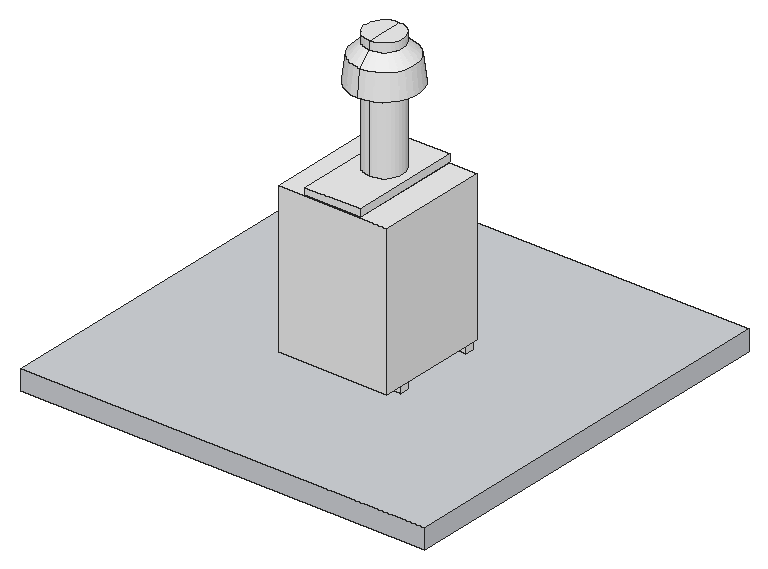
Revit family "DC_Rheem_PLM_Raypak_B0350ID", category Mechanical Equipment, host Face, Revit 2020
Family settings
  Host = Face
  Round Connector Dimension = Use Radius
  Part Type = Normal
  Cut with Voids When Loaded = No
  Shared = No
  Room Calculation Point = No
Parameters
  Width_ANZRS = 655 mm
  URL = "http://www.rheem.com.au/downloads/PDF/Raypak_Mechanical_Heating_Brochure_July_09.pdf"
  Type Comments = "Recovery 1238L/h @ 50oC rise"
  TopDiameter_ANZRS = 225 mm
  Stainless Steel = Raypak - Grey Powder Coated Steel
  PRVDistance_ANZRS = 210 mm
  PRVRadius_ANZRS = 15 mm
  PRVDiameter_ANZRS = PRVRadius_ANZRS * 2  # 30 mm
  Model = "B0350PCM/ID"
  Manufacturer = "Raypak"
  Length_ANZRS = 675 mm
  HotWaterOutletRadius_ANZRS = 20 mm
  HotWaterOutletDiameter_ANZRS = HotWaterOutletRadius_ANZRS * 2  # 40 mm
  HotWaterConnectionDistance_ANZRS = 170 mm
  Height_ANZRS = 1715 mm
  LipHeight_ANZRS = 935 mm
  GasInletRadius_ANZRS = 10 mm
  GasInletHeight_ANZRS = 370 mm
  GasInletDiameter_ANZRS = GasInletRadius_ANZRS * 2  # 20 mm
  GasConnectionDistance_ANZRS = 105 mm
  DesignBy_ANZRS = "Design Content  ©"
  Description = "Raypak - Gas Water Heater- Indoor - 323 MJ/h  Propane gas, modulating gas control"
  Default Elevation = 0 mm
  ConnectionHeight_ANZRS = 700 mm
  ColdWaterInletRadius_ANZRS = 20 mm
  ColdWaterInletDiameter_ANZRS = ColdWaterInletRadius_ANZRS * 2  # 40 mm
  ColdWaterConnectionDistance_ANZRS = 215 mm
  BoxHeight_ANZRS = 985 mm
  FootingOffsetDistance_ANZRS = 30 mm
  FootingWidth_ANZRS = 50 mm
  FootingOffsetDistanceRight_ANZRS = 105 mm
  Author_ANZRS = "DM"
  Assembly Code = ""
Types (5, lengths in mm): name | URL | Type Comments | Model | GasInletRadius_ANZRS | GasInletDiameter_ANZRS | Description
  (no name) | "http://www.rheem.com.au/downloads/PDF/Raypak_Mechanical_Heating_Brochure_July_09.pdf" | "Recovery 1238L/h @ 50oC rise" | "B0350PCM/ID" | 10 | 20 | "Raypak - Gas Water Heater- Indoor - 323 MJ/h  Propane gas, modulating gas control"
  Raypak - Gas Water Heater- Indoor - 343 MJ/h  Natural gas, modulating gas control | "http://www.rheem.com.au/CommercialProducts" | "Recovery 1312L/h @ 50oC rise" | "B0350NCM/ID" | 12.5 | 25 | "Raypak - Gas Water Heater- Indoor - 343 MJ/h  Natural gas, modulating gas control"
  Raypak - Gas Water Heater- Indoor - 343 MJ/h  Natural gas, On/Off gas control | "http://www.rheem.com.au/CommercialProducts" | "Recovery 1312L/h @ 50oC rise" | "B0350NCO/ID" | 10 | 20 | "Raypak - Gas Water Heater- Indoor - 343 MJ/h  Natural gas, On/Off gas control"
  Raypak - Gas Water Heater- Indoor - 323 MJ/h  Propane gas, modulating gas control | "http://www.rheem.com.au/CommercialProducts" | "Recovery 1238L/h @ 50oC rise" | "B0350PCM/ID" | 10 | 20 | "Raypak - Gas Water Heater- Indoor - 323 MJ/h  Propane gas, modulating gas control"
  Raypak - Gas Water Heater- Indoor - 323 MJ/h  Propane gas, On/Off gas control | "http://www.rheem.com.au/CommercialProducts" | "Recovery 1238L/h @ 50oC rise" | "B0350PCO/ID" | 10 | 20 | "Raypak - Gas Water Heater- Indoor - 323 MJ/h  Propane gas, On/Off gas control"
Reference planes
  plane 1 "Center (Front/Back)": y = 0
  plane 2: z = 0
  plane 3 "Center (Left/Right)": x = 0
  plane 4 "Height": z = 1715
  plane 5 "Box H": z = 985
  plane 6 "Conn H": z = 700
  plane 7 "Gas C": z = 370
  plane 8 "L1": y = 288
  plane 9 "L2": y = -387
  plane 10 "PVR": y = 78
  plane 11 "Hot Water": y = 118
  plane 12 "Cold Water": y = -97
  plane 13 "Gas C1": y = -282
  plane 14 "D1": y = 112.5
  plane 15 "D2": y = -112.5
  plane 16 "W1": x = -327.5
  plane 17 "W2": x = 327.5
  plane 18 "base": z = 40
  plane 19 "H4": z = 1445
  plane 20 "H3": z = 1595
  plane 21 "H2": z = 1665
  plane 22: z = 600
  plane 23: z = 565
  plane 24: y = -327
  plane 25: x = -322.5
  plane 26 "BASE11": y = 258
  plane 27 "BASE12": y = 208
  plane 28 "BASE21": y = -232
  plane 29 "BASE22": y = -282
  plane 30 "H1": z = 935
  plane 31 "HH": z = 945
  plane 32: x = 167.5
  plane 33: x = -167.5
  plane 34: x = 157.5
  plane 35: x = -157.5
  plane 36 "LL2": y = -377
  plane 37 "LL1": y = 278
  plane 38: y = -182.5
  plane 39: y = -200.918
  plane 40: y = 182.5
  plane 41: y = 200.918
  plane 42: x = -112.5
  plane 43: x = 112.5
  plane 44: x = 182.5
  plane 45: x = 200.918
  plane 46: x = -182.5
  plane 47: x = -200.918
Forms (mm)
  Extrusion 1, solid
    sketch origin (0, 0, 0) x (1, 0, 0) y (0, 1, 0)
      loop
        line (-1219.2, 1219.2) -> (-1219.2, -1219.2) -> (1219.2, -1219.2) -> (1219.2, 1219.2) -> (-1219.2, 1219.2)
    from 0 to -120
  Extrusion 2, solid, material "Raypak - Grey Powder Coated Steel" <- "Stainless Steel"
    sketch origin (0, 0, 0) x (1, 0, 0) y (0, 1, 0)
      loop
        line (-327.5, 288) -> (-327.5, -387) -> (327.5, -387) -> (327.5, 288) -> (-327.5, 288)
    from 40 to 935
  Revolve 3, solid, material "Raypak - Grey Powder Coated Steel" <- "Stainless Steel"
    sketch origin (0, 0, 105) x (0, 1, 0) y (0, 0, 1)
      loop
        line (0, 1610) -> (-112.5, 1610) -> (-112.5, 1560) -> (-182.5, 1490) -> (-200.918, 1340) -> (-112.5, 1340) -> (-112.5, 880) -> (0, 880) -> (0, 1610)
      axis (0, 1610) -> (0, 880)
    angle from 0 to 360
  Extrusion 4, void
    sketch origin (0, 0, 0) x (0, 1, 0) y (0, 0, 1)
      loop
        circle (78, 700) r 15
      loop
        circle (118, 700) r 20
      loop
        circle (-97, 700) r 20
    from -327.5 to -322.5
  Extrusion 5, void
    sketch origin (0, 0, 0) x (0, 1, 0) y (0, 0, 1)
      loop
        circle (-327, 600) r 5
      loop
        circle (-327, 565) r 5
      loop
        circle (-282, 370) r 10
    from -327.5 to -322.5
  Extrusion 6, solid, material "Raypak - Grey Powder Coated Steel" <- "Stainless Steel"
    sketch origin (0, 0, 0) x (0, 1, 0) y (0, 0, 1)
      loop
        line (258, 40) -> (208, 40) -> (208, 0) -> (258, 0) -> (258, 40)
      loop
        line (-232, 40) -> (-282, 40) -> (-282, 0) -> (-232, 0) -> (-232, 40)
    from -327.5 to 327.5
  Extrusion 7, solid, material "Raypak - Grey Powder Coated Steel" <- "Stainless Steel"
    sketch origin (0, 0, 0) x (1, 0, 0) y (0, 0, 1)
      loop
        line (167.5, 985) -> (-167.5, 985) -> (-167.5, 945) -> (167.5, 945) -> (167.5, 985)
    from -288 to 387
  Extrusion 8, solid, material "Raypak - Grey Powder Coated Steel" <- "Stainless Steel"
    sketch origin (0, 0, 0) x (1, 0, 0) y (0, 0, 1)
      loop
        line (157.5, 945) -> (-157.5, 945) -> (-157.5, 935) -> (157.5, 935) -> (157.5, 945)
    from -278 to 377
Cuts and joins
  Extrusion 4, Extrusion 5 cuts Extrusion 2
Lines and regions (mm)
  Masking region 1
    outline origin (0, 0, 0) x (1, 0, 0) y (0, 1, 0)
      loop
        line (-327.5, 288) -> (-327.5, -387) -> (327.5, -387) -> (327.5, 288) -> (-327.5, 288)
  Masking region 2
    outline origin (0, 0, 0) x (1, 0, 0) y (0, 0, 1)
      loop
        line (-112.5, 1715) -> (-112.5, 1665) -> (-182.5, 1595) -> (-200.918, 1445) -> (-112.5, 1445) -> (-112.5, 985) -> (-167.5, 985) -> (-167.5, 945) -> (-157.5, 945) -> (-157.5, 935) -> (-327.5, 935) -> (-327.5, 0) -> (327.5, 0) -> (327.5, 935) -> (157.5, 935) -> (157.5, 945) -> (167.5, 945) -> (167.5, 985) -> (112.5, 985) -> (112.5, 1445) -> (200.918, 1445) -> (182.5, 1595) -> (112.5, 1665) -> (112.5, 1715) -> (0, 1715) -> (-112.5, 1715)
  Masking region 3
    outline origin (0, 0, 0) x (0, 1, 0) y (0, 0, 1)
      loop
        line (-112.5, 1715) -> (-112.5, 1665) -> (-182.5, 1595) -> (-200.918, 1445) -> (-112.5, 1445) -> (-112.5, 985) -> (-387, 985) -> (-387, 945) -> (-377, 945) -> (-377, 935) -> (-387, 935) -> (-387, 40) -> (-282, 40) -> (-282, 0) -> (-232, 0) -> (-232, 40) -> (208, 40) -> (208, 0) -> (258, 0) -> (258, 40) -> (288, 40) -> (288, 935) -> (278, 935) -> (278, 945) -> (288, 945) -> (288, 985) -> (112.5, 985) -> (112.5, 1445) -> (200.918, 1445) -> (182.5, 1595) -> (112.5, 1665) -> (112.5, 1715) -> (-112.5, 1715)
  symbolic lines, style "Emergency", detail levels fine
    curve 1: arc (0, 200.918, 0) -> (-200.918, 0, 0) -> (0, -200.918, 0) r 200.918
    curve 2: arc (0, -200.918, 0) -> (200.918, 0, 0) -> (0, 200.918, 0) r 200.918
    curve 3: arc (0, 182.5, 0) -> (182.5, 0, 0) -> (0, -182.5, 0) r 182.5
    curve 4: arc (0, -182.5, 0) -> (-182.5, 0, 0) -> (0, 182.5, 0) r 182.5
    curve 5: arc (0, -112.5, 0) -> (-112.5, 0, 0) -> (0, 112.5, 0) r 112.5
    curve 6: arc (0, 112.5, 0) -> (112.5, 0, 0) -> (0, -112.5, 0) r 112.5
    curve 7: line (327.5, -387, 0) -> (327.5, 288, 0)
    curve 8: line (327.5, 288, 0) -> (-327.5, 288, 0)
    curve 9: line (-327.5, 288, 0) -> (-327.5, -387, 0)
    curve 10: line (-327.5, -387, 0) -> (327.5, -387, 0)
    curve 11: line (112.5, 0, 1665) -> (182.5, 0, 1595)
    curve 12: line (200.918, 0, 1445) -> (182.5, 0, 1595)
    curve 13: line (-182.5, 0, 1595) -> (-200.918, 0, 1445)
    curve 14: line (-182.5, 0, 1595) -> (-112.5, 0, 1665)
    curve 15: line (-112.5, 0, 1715) -> (112.5, 0, 1715)
    curve 16: line (0, 0, 1715) -> (112.5, 0, 1715)
    curve 17: line (182.5, 0, 1595) -> (-182.5, 0, 1595)
    curve 18: line (112.5, 0, 1665) -> (-112.5, 0, 1665)
    curve 19: line (-200.918, 0, 1445) -> (0, 0, 1445)
    curve 20: line (0, 0, 1445) -> (175.918, 0, 1445)
    curve 21: line (112.5, 0, 1715) -> (112.5, 0, 1665)
    curve 22: line (-112.5, 0, 1715) -> (-112.5, 0, 1665)
    curve 23: line (327.5, 0, 935) -> (-327.5, 0, 935)
    curve 24: line (327.5, 0, 40) -> (327.5, 0, 935)
    curve 25: line (-327.5, 0, 935) -> (-327.5, 0, 40)
    curve 26: line (-327.5, 0, 40) -> (327.5, 0, 40)
    curve 27: line (327.5, 0, 0) -> (327.5, 0, 40)
    curve 28: line (-327.5, 0, 40) -> (-327.5, 0, 0)
    curve 29: line (-327.5, 0, 0) -> (327.5, 0, 0)
    curve 30: line (-112.5, 0, 1445) -> (-112.5, 0, 985)
    curve 31: line (112.5, 0, 1445) -> (112.5, 0, 985)
    curve 32: arc (0, 63, 700) -> (0, 78, 685) -> (0, 93, 700) r 15
    curve 33: arc (0, 93, 700) -> (0, 78, 715) -> (0, 63, 700) r 15
    curve 34: arc (0, 138, 700) -> (0, 118, 720) -> (0, 98, 700) r 20
    curve 35: arc (0, 98, 700) -> (0, 118, 680) -> (0, 138, 700) r 20
    curve 36: arc (0, -117, 700) -> (0, -97, 680) -> (0, -77, 700) r 20
    curve 37: arc (0, -77, 700) -> (0, -97, 720) -> (0, -117, 700) r 20
    curve 38: arc (0, -272, 370) -> (0, -282, 380) -> (0, -292, 370) r 10
    curve 39: arc (0, -292, 370) -> (0, -282, 360) -> (0, -272, 370) r 10
    curve 40: arc (0, -332, 565) -> (0, -327, 560) -> (0, -322, 565) r 5
    curve 41: arc (0, -322, 565) -> (0, -327, 570) -> (0, -332, 565) r 5
    curve 42: arc (0, -332, 600) -> (0, -327, 595) -> (0, -322, 600) r 5
    curve 43: arc (0, -322, 600) -> (0, -327, 605) -> (0, -332, 600) r 5
    curve 44: line (0, -112.5, 1715) -> (0, -112.5, 1665)
    curve 45: line (0, 112.5, 1715) -> (0, 112.5, 1665)
    curve 46: line (0, 200.918, 1445) -> (0, -200.918, 1445)
    curve 47: line (0, 182.5, 1595) -> (0, -182.5, 1595)
    curve 48: line (0, 112.5, 1665) -> (0, -112.5, 1665)
    curve 49: line (0, 112.5, 1665) -> (0, 182.5, 1595)
    curve 50: line (0, -200.918, 1445) -> (0, -182.5, 1595)
    curve 51: line (0, -112.5, 1665) -> (0, -182.5, 1595)
    curve 52: line (0, 200.918, 1445) -> (0, 182.5, 1595)
    curve 53: line (0, -112.5, 1715) -> (0, 112.5, 1715)
    curve 54: line (0, 112.5, 1445) -> (0, 112.5, 985)
    curve 55: line (0, -112.5, 1445) -> (0, -112.5, 985)
    curve 56: line (0, 288, 985) -> (0, -387, 985)
    curve 57: line (0, -387, 985) -> (0, -387, 945)
    curve 58: line (0, 288, 40) -> (0, 288, 935)
    curve 59: line (0, -387, 40) -> (0, 288, 40)
    curve 60: line (0, 208, 40) -> (0, 208, 0)
    curve 61: line (0, 258, 0) -> (0, 258, 40)
    curve 62: line (0, 208, 0) -> (0, 258, 0)
    curve 63: line (0, -232, 0) -> (0, -232, 40)
    curve 64: line (0, -282, 40) -> (0, -282, 0)
    curve 65: line (0, -282, 0) -> (0, -232, 0)
    curve 66: line (-167.5, 288, 0) -> (-167.5, 110.958, 0)
    curve 67: line (167.5, -387, 0) -> (167.5, -110.958, 0)
    curve 68: line (167.5, 0, 945) -> (167.5, 0, 985)
    curve 69: line (-167.5, 0, 945) -> (167.5, 0, 945)
    curve 70: line (157.5, 0, 935) -> (157.5, 0, 945)
    curve 71: line (-167.5, 0, 985) -> (-167.5, 0, 945)
    curve 72: line (-157.5, 0, 945) -> (-157.5, 0, 935)
    curve 73: line (167.5, 0, 985) -> (-167.5, 0, 985)
    curve 74: line (0, -387, 945) -> (0, 288, 945)
    curve 75: line (0, 288, 935) -> (0, -387, 935)
    curve 76: line (0, 278, 935) -> (0, 278, 945)
    curve 77: line (0, -377, 945) -> (0, -377, 935)
    curve 78: line (0, -387, 935) -> (0, -387, 40)
    curve 79: line (0, 288, 945) -> (0, 288, 985)
    curve 80: line (-167.5, -110.958, 0) -> (-167.5, -387, 0)
    curve 81: line (167.5, 110.958, 0) -> (167.5, 288, 0)
Dimensions and locks
  "Height_ANZRS": plane 4 "Height" to level
  "BoxHeight_ANZRS": plane 5 "Box H" to level
  "ConnectionHeight_ANZRS": plane 6 "Conn H" to Extrusion 1
  "GasInletHeight_ANZRS": plane 7 "Gas C" to level
  "Length_ANZRS": plane 8 "L1" to plane 9 "L2"
  "PRVDistance_ANZRS": plane 8 "L1" to plane 10 "PVR"
  "HotWaterConnectionDistance_ANZRS": plane 8 "L1" to plane 11 "Hot Water"
  "ColdWaterConnectionDistance_ANZRS": plane 11 "Hot Water" to plane 12 "Cold Water"
  "GasConnectionDistance_ANZRS": plane 13 "Gas C1" to plane 9 "L2"
  plane 1 "Center (Front/Back)" to plane 9 "L2" = 387 mm
  plane 18 "base" to level = 40 mm
  plane 4 "Height" to plane 21 "H2" to plane 20 "H3" to plane 19 "H4" = 50 mm locked, 70 mm locked, 150 mm locked
  equal spacing: plane 17 "W2", plane 3 "Center (Left/Right)", plane 16 "W1"
  "Width_ANZRS": plane 17 "W2" to plane 16 "W1"
  equal spacing: plane 14 "D1", plane 1 "Center (Front/Back)", plane 15 "D2"
  "TopDiameter_ANZRS": plane 14 "D1" to plane 15 "D2"
  plane 22 to Extrusion 1 = 600 mm
  plane 23 to Extrusion 1 = 565 mm
  plane 18 "base" to Extrusion 1 = 40 mm
  plane 24 to plane 9 "L2" = 60 mm
  plane 16 "W1" to plane 25 = 5 mm
  "FootingOffsetDistance_ANZRS": plane 8 "L1" to plane 26 "BASE11"
  "FootingWidth_ANZRS": plane 26 "BASE11" to plane 27 "BASE12"
  "FootingWidth_ANZRS": plane 28 "BASE21" to plane 29 "BASE22"
  "FootingOffsetDistanceRight_ANZRS": plane 29 "BASE22" to plane 9 "L2"
  "LipHeight_ANZRS": plane 30 "H1" to Extrusion 1
  locked: plane 30 "H1" to plane 31 "HH" at 10
  plane 33 to plane 3 "Center (Left/Right)" to plane 32 = 167.5 mm, 167.5 mm
  plane 33 to plane 32 = 335 mm
  locked: plane 34 to plane 32 at 10
  locked: plane 35 to plane 33 at 10
  locked: plane 36 "LL2" to plane 9 "L2" at 10
  plane 37 "LL1" to plane 8 "L1" = 10 mm
  plane 15 "D2" to plane 38 to plane 39 = 70 mm locked, 18.418 mm locked
  locked: plane 40 to plane 41 at 18.418
  locked: plane 40 to plane 14 "D1" at 70
  equal spacing: plane 42, plane 3 "Center (Left/Right)", plane 43
  "TopDiameter_ANZRS": plane 42 to plane 43
  plane 42 to plane 46 to plane 47 = 70 mm locked, 18.418 mm locked
  plane 45 to plane 44 to plane 43 = 18.418 mm locked, 70 mm locked
  "HotWaterOutletRadius_ANZRS": radius of Extrusion 4 sketch curve
  "ColdWaterInletRadius_ANZRS": radius of Extrusion 4 sketch curve
  "PRVRadius_ANZRS": radius of Extrusion 4 sketch curve
  "GasInletRadius_ANZRS": radius of Extrusion 5 sketch curve
  aligned and locked: plane 2 to Extrusion 1
  aligned and locked: level to Extrusion 1
  aligned and locked: plane 8 "L1" to Extrusion 2 sketch curve
  aligned and locked: plane 16 "W1" to Extrusion 2 sketch curve
  aligned and locked: plane 9 "L2" to Extrusion 2 sketch curve
  aligned and locked: plane 17 "W2" to Extrusion 2 sketch curve
  aligned: plane 5 "Box H" to Extrusion 2
  aligned and locked: Revolve 3 sketch curve to plane 1 "Center (Front/Back)"
  aligned and locked: plane 11 "Hot Water" to Extrusion 4 sketch curve
  aligned and locked: plane 10 "PVR" to Extrusion 4 sketch curve
  aligned and locked: plane 6 "Conn H" to Extrusion 4 sketch curve  (x3)
  aligned and locked: Extrusion 4 to plane 16 "W1"
  aligned and locked: Extrusion 2 to plane 18 "base"
  aligned and locked: plane 12 "Cold Water" to Extrusion 4 sketch curve
  aligned and locked: Revolve 3 sketch curve to plane 4 "Height"
  aligned and locked: plane 5 "Box H" to Revolve 3 sketch curve
  aligned and locked: plane 19 "H4" to Revolve 3 sketch curve
  aligned and locked: plane 21 "H2" to Revolve 3 sketch curve
  aligned: plane 15 "D2" to Revolve 3 sketch curve
  aligned and locked: plane 15 "D2" to Revolve 3 sketch curve
  aligned and locked: plane 22 to Extrusion 5 sketch curve
  aligned and locked: plane 24 to Extrusion 5 sketch curve  (x2)
  aligned and locked: plane 23 to Extrusion 5 sketch curve
  aligned and locked: Extrusion 5 to plane 16 "W1"
  aligned and locked: plane 25 to Extrusion 5
  aligned and locked: plane 13 "Gas C1" to Extrusion 5 sketch curve
  aligned and locked: plane 7 "Gas C" to Extrusion 5 sketch curve
  aligned and locked: Extrusion 5 to Extrusion 4
  aligned and locked: plane 18 "base" to Extrusion 6 sketch curve  (x2)
  aligned and locked: Extrusion 6 sketch curve to plane 26 "BASE11"
  aligned and locked: Extrusion 6 sketch curve to level  (x2)
  aligned and locked: plane 27 "BASE12" to Extrusion 6 sketch curve
  aligned and locked: Extrusion 6 sketch curve to plane 28 "BASE21"
  aligned and locked: plane 29 "BASE22" to Extrusion 6 sketch curve
  aligned and locked: Extrusion 6 to plane 16 "W1"
  aligned and locked: Extrusion 6 to plane 17 "W2"
  aligned and locked: Masking region 1 sketch curve to cut or joined group of Extrusion 2, Extrusion 4, Extrusion 5  (x4)
  aligned and locked: Revolve 3 to Masking region 2 sketch curve  (x3)
  aligned and locked: Masking region 2 sketch curve to Revolve 3
  aligned and locked: plane 5 "Box H" to Masking region 2 sketch curve
  aligned and locked: plane 16 "W1" to Masking region 2 sketch curve
  aligned and locked: Masking region 2 sketch curve to plane 17 "W2"
  aligned and locked: Extrusion 1 to Masking region 2 sketch curve
  aligned and locked: Masking region 3 sketch curve to Revolve 3  (x2)
  aligned and locked: Masking region 3 sketch curve to plane 15 "D2"  (x2)
  aligned and locked: plane 5 "Box H" to Masking region 3 sketch curve
  aligned and locked: Masking region 3 sketch curve to plane 9 "L2"
  aligned and locked: plane 18 "base" to Masking region 3 sketch curve
  aligned and locked: Masking region 3 sketch curve to Extrusion 6  (x4)
  aligned and locked: plane 27 "BASE12" to Masking region 3 sketch curve
  aligned and locked: plane 26 "BASE11" to Masking region 3 sketch curve
  aligned and locked: plane 8 "L1" to Masking region 3 sketch curve
  aligned and locked: plane 14 "D1" to Masking region 3 sketch curve
  aligned and locked: curve 1 to Revolve 3
  aligned and locked: curve 2 to Revolve 3
  aligned and locked: curve 3 to Revolve 3
  aligned and locked: curve 4 to Revolve 3
  aligned and locked: curve 5 to Revolve 3
  aligned and locked: curve 6 to Revolve 3
  aligned and locked: curve 7 to cut or joined group of Extrusion 2, Extrusion 4, Extrusion 5
  aligned and locked: curve 8 to cut or joined group of Extrusion 2, Extrusion 4, Extrusion 5
  aligned and locked: curve 9 to cut or joined group of Extrusion 2, Extrusion 4, Extrusion 5
  aligned and locked: curve 10 to cut or joined group of Extrusion 2, Extrusion 4, Extrusion 5
  aligned and locked: curve 32 to cut or joined group of Extrusion 2, Extrusion 4, Extrusion 5
  aligned and locked: curve 33 to cut or joined group of Extrusion 2, Extrusion 4, Extrusion 5
  aligned and locked: curve 34 to cut or joined group of Extrusion 2, Extrusion 4, Extrusion 5
  aligned and locked: curve 35 to cut or joined group of Extrusion 2, Extrusion 4, Extrusion 5
  aligned and locked: curve 36 to cut or joined group of Extrusion 2, Extrusion 4, Extrusion 5
  aligned and locked: curve 37 to cut or joined group of Extrusion 2, Extrusion 4, Extrusion 5
  aligned and locked: curve 38 to cut or joined group of Extrusion 2, Extrusion 4, Extrusion 5
  aligned and locked: curve 39 to cut or joined group of Extrusion 2, Extrusion 4, Extrusion 5
  aligned and locked: curve 40 to cut or joined group of Extrusion 2, Extrusion 4, Extrusion 5
  aligned and locked: curve 41 to cut or joined group of Extrusion 2, Extrusion 4, Extrusion 5
  aligned and locked: curve 42 to cut or joined group of Extrusion 2, Extrusion 4, Extrusion 5
  aligned and locked: curve 43 to cut or joined group of Extrusion 2, Extrusion 4, Extrusion 5
  aligned and locked: curve 44 to plane 15 "D2"
  aligned and locked: plane 14 "D1" to curve 45
  aligned and locked: plane 21 "H2" to curve 48
  aligned and locked: curve 53 to Revolve 3
  aligned and locked: Extrusion 2 to plane 30 "H1"
  aligned and locked: curve 23 to cut or joined group of Extrusion 2, Extrusion 4, Extrusion 5
  aligned and locked: plane 5 "Box H" to Extrusion 7 sketch curve
  aligned and locked: Extrusion 7 sketch curve to plane 32
  aligned and locked: Extrusion 7 sketch curve to plane 31 "HH"
  aligned and locked: Extrusion 7 sketch curve to plane 33
  aligned and locked: plane 31 "HH" to Extrusion 8 sketch curve
  aligned and locked: Extrusion 8 sketch curve to plane 34
  aligned and locked: Extrusion 8 sketch curve to plane 30 "H1"
  aligned and locked: Extrusion 8 sketch curve to plane 35
  aligned and locked: Extrusion 7 to plane 8 "L1"
  aligned and locked: Extrusion 7 to plane 9 "L2"
  aligned and locked: Extrusion 8 to plane 36 "LL2"
  aligned and locked: plane 37 "LL1" to Extrusion 8
  aligned and locked: curve 66 to Extrusion 7
  aligned and locked: curve 67 to Extrusion 7
  aligned and locked: curve 68 to Extrusion 7
  aligned and locked: curve 69 to Extrusion 7
  aligned and locked: curve 70 to Extrusion 8
  aligned and locked: curve 71 to Extrusion 7
  aligned and locked: curve 72 to Extrusion 8
  aligned and locked: curve 73 to Extrusion 7
  aligned and locked: Masking region 2 sketch curve to Extrusion 7  (x3)
  aligned and locked: Extrusion 7 to Masking region 2 sketch curve
  aligned and locked: Masking region 2 sketch curve to Extrusion 8  (x2)
  aligned and locked: Masking region 2 sketch curve to cut or joined group of Extrusion 2, Extrusion 4, Extrusion 5
  aligned and locked: curve 74 to Extrusion 7
  aligned and locked: curve 75 to cut or joined group of Extrusion 2, Extrusion 4, Extrusion 5
  aligned and locked: curve 76 to Extrusion 8
  aligned and locked: curve 77 to Extrusion 8
  aligned and locked: Masking region 3 sketch curve to Extrusion 7
  aligned and locked: Masking region 3 sketch curve to cut or joined group of Extrusion 2, Extrusion 4, Extrusion 5
  aligned and locked: Masking region 3 sketch curve to Extrusion 8  (x2)
  aligned and locked: plane 38 to Revolve 3 sketch curve
  aligned and locked: plane 39 to Revolve 3 sketch curve
  aligned and locked: plane 20 "H3" to Revolve 3 sketch curve
  aligned and locked: plane 39 to curve 50
  aligned and locked: plane 38 to curve 51
  aligned and locked: plane 20 "H3" to curve 51
  aligned and locked: plane 19 "H4" to curve 50
  aligned and locked: plane 19 "H4" to curve 52
  aligned and locked: plane 20 "H3" to curve 49
  aligned and locked: plane 40 to curve 52
  aligned and locked: plane 41 to curve 46
  aligned and locked: plane 42 to curve 22
  aligned and locked: curve 21 to plane 43
  aligned and locked: plane 43 to Masking region 2  (x2)
  aligned and locked: plane 42 to Masking region 2  (x2)
  aligned and locked: plane 42 to curve 30
  aligned and locked: curve 31 to plane 43
  aligned and locked: plane 44 to curve 17
  aligned and locked: plane 46 to curve 17
  aligned and locked: curve 13 to plane 47
  aligned and locked: plane 19 "H4" to curve 19
  aligned and locked: plane 19 "H4" to curve 20
  aligned and locked: plane 20 "H3" to curve 17
  aligned and locked: plane 45 to curve 12
  aligned and locked: plane 19 "H4" to curve 12
  aligned and locked: Masking region 2 sketch curve to curve 14
  aligned and locked: Masking region 2 sketch curve to curve 13
  aligned and locked: Masking region 2 sketch curve to curve 12
  aligned and locked: Masking region 2 sketch curve to curve 11
  aligned and locked: cut or joined group of Extrusion 2, Extrusion 4, Extrusion 5 to Masking region 2 sketch curve
Automatic sketch dimensions
  Extrusion 1 sketch curve to Extrusion 1 sketch curve = 2438.4 mm  (x2)
  curve 57 to plane 5 "Box H" = 0 mm
  curve 57 to plane 9 "L2" = 0 mm
  curve 78 to plane 9 "L2" = 0 mm
  curve 77 to plane 36 "LL2" = 0 mm
  curve 64 to level = 0 mm
  curve 64 to plane 13 "Gas C1" = 0 mm
  curve 65 to plane 28 "BASE21" = 0 mm
  curve 55 to plane 15 "D2" = 0 mm
  curve 54 to plane 14 "D1" = 0 mm
  curve 62 to level = 0 mm
  curve 62 to plane 27 "BASE12" = 0 mm
  curve 61 to plane 18 "base" = 0 mm
  curve 61 to plane 26 "BASE11" = 0 mm
  curve 76 to plane 31 "HH" = 0 mm
  curve 76 to plane 37 "LL1" = 0 mm
  curve 74 to plane 8 "L1" = 0 mm
  curve 59 to plane 8 "L1" = 0 mm
  curve 59 to plane 18 "base" = 0 mm
  curve 63 to plane 18 "base" = 0 mm
  curve 64 to plane 18 "base" = 0 mm
  curve 60 to plane 18 "base" = 0 mm
  curve 53 to plane 4 "Height" = 0 mm
  Revolve 3 sketch curve to plane 15 "D2" = 0 mm
  Revolve 3 sketch curve to plane 1 "Center (Front/Back)" = 0 mm
  Revolve 3 sketch curve to Revolve 3 sketch curve = 675 mm
  Revolve 3 sketch curve to Revolve 3 sketch curve = 130 mm
  Masking region 2 sketch curve to plane 3 "Center (Left/Right)" = 0 mm
  Masking region 2 sketch curve to plane 5 "Box H" = 0 mm
  Masking region 2 sketch curve to plane 21 "H2" = 0 mm  (x2)
  Masking region 3 sketch curve to plane 9 "L2" = 0 mm
  Masking region 3 sketch curve to plane 39 = 0 mm
  Masking region 3 sketch curve to plane 20 "H3" = 0 mm  (x2)
  Masking region 3 sketch curve to plane 38 = 0 mm
  Masking region 3 sketch curve to plane 14 "D1" = 0 mm
  Masking region 3 sketch curve to plane 40 = 0 mm
  Masking region 3 sketch curve to plane 19 "H4" = 0 mm
  Masking region 3 sketch curve to plane 41 = 0 mm
  Masking region 3 sketch curve to plane 8 "L1" = 0 mm
  Masking region 3 sketch curve to plane 18 "base" = 0 mm  (x2)
  Masking region 3 sketch curve to plane 30 "H1" = 0 mm
  Masking region 3 sketch curve to plane 31 "HH" = 0 mm
  Masking region 3 sketch curve to plane 5 "Box H" = 0 mm
  Masking region 3 sketch curve to plane 21 "H2" = 0 mm  (x2)
  plane 34 to Masking region 2 sketch curve = 45 mm
  plane 35 to Masking region 2 sketch curve = 45 mm
  curve 28 to level = 0 mm
  curve 28 to plane 16 "W1" = 0 mm
  curve 73 to plane 5 "Box H" = 0 mm
  curve 73 to plane 33 = 0 mm
  curve 72 to plane 35 = 0 mm
  curve 19 to plane 3 "Center (Left/Right)" = 0 mm
  curve 16 to plane 3 "Center (Left/Right)" = 0 mm
  curve 70 to plane 31 "HH" = 0 mm
  plane 34 to curve 70 = 0 mm
  plane 32 to curve 69 = 0 mm
  plane 17 "W2" to curve 26 = 0 mm
  curve 25 to plane 18 "base" = 0 mm
  curve 18 to plane 21 "H2" = 0 mm
  curve 16 to plane 4 "Height" = 0 mm
  plane 44 to curve 20 = 6.582 mm
  curve 9 to plane 9 "L2" = 0 mm
  curve 9 to plane 16 "W1" = 0 mm
  curve 66 to plane 33 = 0 mm
  curve 80 to plane 33 = 0 mm
  curve 81 to plane 32 = 0 mm
  curve 67 to plane 32 = 0 mm
  curve 7 to plane 17 "W2" = 0 mm
  plane 8 "L1" to curve 7 = 0 mm
  Extrusion 5 sketch curve to plane 13 "Gas C1" = 0 mm
  radius of Extrusion 5 sketch curve = 5 mm  (x2)
Connectors
  piping at (-327.5, 118, 700), diameter 40, driven by "HotWaterOutletRadius_ANZRS"
    settings: on cut or joined group of Extrusion 2, Extrusion 4, Extrusion 5, index 1, connector inside diameter 1.5748", connector length 0 mm, flow factor 0, pipe flow 0 GPM, pressure drop 0.00 psi, fitting loss kfactor 0, connector angle 0.00°, fixture units 0, engagement length 0 mm, angle of deflection 0.00°, flow configuration 0, flow direction 0, fitting loss method 0, system type 19, joint type 0, gender type 0, connector reference index -1, connector utility 0, adjustable connector no, is connector primary yes, connector description ""
  piping at (-327.5, 78, 700), diameter 30, driven by "PRVRadius_ANZRS"
    settings: on cut or joined group of Extrusion 2, Extrusion 4, Extrusion 5, index 2, connector inside diameter 1.1811", connector length 0 mm, flow factor 0, pipe flow 0 GPM, pressure drop 0.00 psi, fitting loss kfactor 0, connector angle 0.00°, fixture units 0, engagement length 0 mm, angle of deflection 0.00°, flow configuration 0, flow direction 0, fitting loss method 0, system type 19, joint type 0, gender type 0, connector reference index -1, connector utility 0, adjustable connector no, is connector primary no, connector description ""
  piping at (-327.5, -97, 700), diameter 40, driven by "ColdWaterInletRadius_ANZRS"
    settings: on cut or joined group of Extrusion 2, Extrusion 4, Extrusion 5, index 3, connector inside diameter 1.5748", connector length 0 mm, flow factor 0, pipe flow 0 GPM, pressure drop 0.00 psi, fitting loss kfactor 0, connector angle 0.00°, fixture units 0, engagement length 0 mm, angle of deflection 0.00°, flow configuration 0, flow direction 0, fitting loss method 0, system type 20, joint type 0, gender type 0, connector reference index -1, connector utility 0, adjustable connector no, is connector primary no, connector description ""
  piping at (-327.5, -282, 370), diameter 20, driven by "GasInletRadius_ANZRS"
    settings: on cut or joined group of Extrusion 2, Extrusion 4, Extrusion 5, index 4, connector inside diameter 0.7874", connector length 0 mm, flow factor 0, pipe flow 0 GPM, pressure drop 0.00 psi, fitting loss kfactor 0, connector angle 0.00°, fixture units 0, engagement length 0 mm, angle of deflection 0.00°, flow configuration 0, flow direction 0, fitting loss method 0, system type 22, joint type 0, gender type 0, connector reference index -1, connector utility 0, adjustable connector no, is connector primary no, connector description ""
  electrical at (-327.5, -327, 600)
    settings: on cut or joined group of Extrusion 2, Extrusion 4, Extrusion 5, index 5, voltage 0 V, apparent load 0 VA, apparent load phase1 0 VA, apparent load phase2 0 VA, apparent load phase3 0 VA, power factor 1, load classification "Other", number of poles 1, system type 31, power factor state 1, is connector primary yes, connector utility no, sub classification motor no, connector description ""
  electrical at (-327.5, -327, 565)
    settings: on cut or joined group of Extrusion 2, Extrusion 4, Extrusion 5, index 6, voltage 0 V, apparent load 0 VA, apparent load phase1 0 VA, apparent load phase2 0 VA, apparent load phase3 0 VA, power factor 1, load classification "Other", number of poles 1, system type 31, power factor state 1, is connector primary no, connector utility no, sub classification motor no, connector description ""
